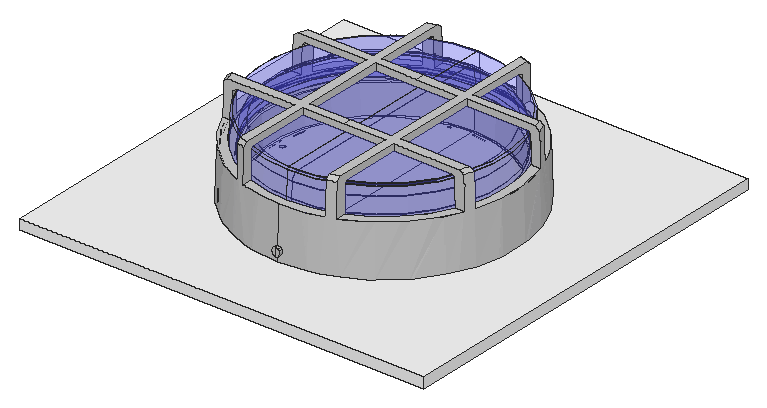
Revit family "BE_33504_de_DE", category Leuchten, Revit 2015
Parameters (values of type "BEGA_33504_Silber_K4")
  built-in parameter 1150104 = 11.086 (stored number, unit not read)
  Wattage = 16.3 W
  Default Elevation = 0 mm
  built-in parameter 1150113 = 1 (stored number, unit not read)
  built-in parameter 1114218 = 1 (stored number, unit not read)
  Umgebungstemperatur = ""
  URL = "http://www.bega.de/produkt/33504"
  Typenkommentare = "© 2015 BEGA. Wir behalten uns das Recht vor, technische Änderungen ohne vorherige Ankündigung vorzunehmen."  # constant formula
  Type Image = 33504.png
  built-in parameter 1150134 = 12
  built-in parameter 1150109 = 1 (stored number, unit not read)
  Strom = ""
  built-in parameter 1150110 = 1 (stored number, unit not read)
  Spannung = 0 V
  Sonderanfertigung = no
  Seriennummer [instance] = "Hier können Sie die eindeutige Seriennummer für das Facility Management eintragen."
  Schutzklasse = "I"
  Schutzart = "IP 65"
  Scheinlast = 0 VA
  Produktdatenblatt = "http://www.bega.de/download/datenblaetter/de/33504.pdf"
  Oberflächentemperatur = ""
  Neigungswinkel = 0.00°
  Modell = "33504AK4"
  Material_11 = BEGA_Glas_opal
  Material_06 = BEGA_Oberfläche_Edelstahl_gebürstet
  Material_02 = BEGA_Oberfläche_Silber_matt
  Material_01 [instance] = BEGA_Oberfläche_Grafit_matt
  M_W = no
  M_G = no
  M_A = yes
  Logo = 0
  built-in parameter 1114217 = 1 (stored number, unit not read)
  built-in parameter 1150139 = (empty or 0)
  built-in parameter 1150105 = 571.94 (stored number, unit not read)
  built-in parameter 1150114 = 1 (stored number, unit not read)
  Lumens = 1945.08 lm
  built-in parameter 1150115 = 1 (stored number, unit not read)
  Leuchtenlichtstrom = "873 lm"
  Leuchtenanzahl = ""
  Lebensdauerkriterien = "L70 = 50.000 h"
  Lastklassifizierung = Beleuchtung
  built-in parameter 1150112 = 1 (stored number, unit not read)
  Lampenlichtstrom = "1945 lm"
  Lampe = "LED 16.3 W"
  LED_Modulbezeichnung = "LED-0381/840"
  built-in parameter 1150142 = (empty or 0)
  Hersteller = "BEGA"  # constant formula
  Halbstreuwinkel = ""
  Gewicht = "2.75 kg"
  Gebrauchslageneinschränkung [instance] = ""
  Frequenz = "0/50-60 Hz"
  Farbwiedergabeindex = "Ra > 80"
  Farbtemperaturverschiebung bei Dämpfen der Lampe = <Keine Auswahl>
  Farbtemperatur = "4000 K"
  Color Filter = 16777215
  built-in parameter 1150133 = 10 (stored number, unit not read)
  Energieeffizienzklasse = "LED A++ - A"
  built-in parameter 1150137 = (empty or 0)
  built-in parameter 1150132 = (empty or 0)
  ENEC = ""
  Dimmbar [instance] = "1-10 V"
  Datei für fotometrisches Netz = "BE_33504K4.IES"
  CE_Konformität = "ja"
  Bestellnummer = "33504AK4"
  Beschreibung_Sonderanfertigung = "Hier können Sie Informationen zur Sonderanfertigung eintragen."
  Beschreibung = "Decken- und Wandleuchte"
  built-in parameter 1150106 = 5.7194 (stored number, unit not read)
  Befestigungsbohrung = "Ø 4,5 mm"
  Befestigungsabstand = "200 mm"
  Ballwurfsicher = ""
  BEGA_Intern_aus = yes
  BEGA_Intern_an = yes
  BEGA_Intern_Konstruktion = yes
  BEGA_Intern = yes
  BEGA_IES3 = yes
  BEGA_IES2 = yes
  BEGA_IES1 = yes
  BEGA_IES = yes
  BEGA_Dummy = no
  Anschlussleitung = ""
  Anschlussleistung [instance] = "19.8 W"
  built-in parameter 1150107 = 4000 (stored number, unit not read)
  built-in parameter 1150102 = (empty or 0)
  built-in parameter 1150138 = (empty or 0)
  Aktualisierung = "2016-02-01T04:09:17"
  AC/DC = "AC/DC"
Types (5, lengths in mm): name | built-in parameter 1150104 | built-in parameter 1150134 | Modell | M_G | M_A | built-in parameter 1150105 | Lumens | Leuchtenlichtstrom | Lampenlichtstrom | LED_Modulbezeichnung | Farbtemperatur | Datei für fotometrisches Netz | Bestellnummer | built-in parameter 1150106 | built-in parameter 1150107
  (no name) | 11.086 (stored number, unit not read) | 12 | "33504AK4" | no | yes | 571.94 (stored number, unit not read) | 1945.08 lm | "873 lm" | "1945 lm" | "LED-0381/840" | "4000 K" | "BE_33504K4.IES" | "33504AK4" | 5.7194 (stored number, unit not read) | 4000 (stored number, unit not read)
  BEGA_33504_Grafit_K3 | 10.459 (stored number, unit not read) | (empty or 0) | "33504" | yes | no | 539.6 (stored number, unit not read) | 1835.05 lm | "824 lm" | "1835 lm" | "LED-0381/830" | "3000 K" | "BE_33504.IES" | "33504" | 5.396 (stored number, unit not read) | 3000 (stored number, unit not read)
  BEGA_33504_Grafit_K4 | 11.086 (stored number, unit not read) | 12 | "33504K4" | yes | no | 571.94 (stored number, unit not read) | 1945.08 lm | "873 lm" | "1945 lm" | "LED-0381/840" | "4000 K" | "BE_33504K4.IES" | "33504K4" | 5.7194 (stored number, unit not read) | 4000 (stored number, unit not read)
  BEGA_33504_Silber_K4 | 11.086 (stored number, unit not read) | 12 | "33504AK4" | no | yes | 571.94 (stored number, unit not read) | 1945.08 lm | "873 lm" | "1945 lm" | "LED-0381/840" | "4000 K" | "BE_33504K4.IES" | "33504AK4" | 5.7194 (stored number, unit not read) | 4000 (stored number, unit not read)
  BEGA_33504_Silber_K3 | 10.459 (stored number, unit not read) | (empty or 0) | "33504A" | no | yes | 539.6 (stored number, unit not read) | 1835.05 lm | "824 lm" | "1835 lm" | "LED-0381/830" | "3000 K" | "BE_33504.IES" | "33504A" | 5.396 (stored number, unit not read) | 3000 (stored number, unit not read)
Reference planes
  plane 1 "Mitte (Vorne/Hinten)": y = 0
  plane 2: z = 0
  plane 3 "Mitte (Links/Rechts)": x = 0
  plane 4 "Links": x = -130.622
  plane 5 "Rechts": x = 130.622
  plane 6 "Unten": y = -130.622
  plane 7 "Oben": y = 130.622
  plane 8 "Vorne": z = 87.8
Forms (mm)
  Extrusion 1, solid, material "BEGA_Platte_Weiss"
    sketch origin (0, -1119.2, 0) x (1, 0, 0) y (0, 1, 0)
      loop
        line (-200, 1319.2) -> (-200, 919.2) -> (200, 919.2) -> (200, 1319.2) -> (-200, 1319.2)
    from 0 to -10
  Extrusion 2, solid, material "BEGA_Dummy_matt", visible <- "BEGA_Dummy"
    sketch origin (77.149, -76.023, 0) x (1, 0, 0) y (0, 1, 0)
      loop
        circle (-77.149, 76.023) r 130.622
    from 0 to 87.8
Dimensions and locks
  plane 1 "Mitte (Vorne/Hinten)" to Extrusion 1 = 200 mm
  aligned and locked: plane 2 to Extrusion 1
  aligned and locked: level to Extrusion 1
Nested families
  nested 1: "BE_33504" at (0, 0, 0) x (0, -1, 0) z (0, 0, 1), type "BE_33504"
Connectors
  electrical at (0, 0, 0), driven by "Lastklassifizierung", driven by "Spannung", driven by "Scheinlast"
    settings: index 1, voltage 0 V, apparent load 0 VA, apparent load phase1 0 VA, apparent load phase2 0 VA, apparent load phase3 0 VA, power factor 1, load classification "Beleuchtung", number of poles 1, system type 31, power factor state 1, is connector primary yes, connector utility no, sub classification motor no, connector description ""
Definition of nested family "BE_33504"
  Parameters (values of type "BE_33504")
    Default Elevation = 1 mm
    URL = "http://www.bega.de/de/produkt"
    Type Comments = "© 2015 BEGA. Wir behalten uns das Recht vor, technische Änderungen ohne vorherige Ankündigung vorzunehmen. "  # constant formula
    Type Image = (empty or 0)
    Material_17 = none
    Material_15 = none
    Material_11 = none
    Material_09 = none
    Material_06 = none
    Material_03 = none
    Material_02 = none
    Material_01 = none
    M_W = yes
    M_G = yes
    M_A = yes
    Länge_Platte = 200 mm  # constant formula
    Höhe_Platte = -10 mm  # constant formula
    Manufacturer = "BEGA"  # constant formula
    Breite_Platte = 200 mm  # constant formula
  Reference planes
    plane 1 "Mitte (Oben/Unten)": y = 0
    plane 2: z = 0
    plane 3 "Mitte (Links/Rechts)": x = 0
    plane 4 "Vorne": z = 87.8
    plane 5: x = -130.622
    plane 6: x = 130.622
    plane 7: y = -130.622
    plane 8: y = 130.622
  Forms (mm)
    Extrusion 1, solid, detail levels medium
      sketch origin (0, 0, 0) x (1, 0, 0) y (0, 1, 0)
        loop
          line (-100, 100) -> (-100, -100) -> (100, -100) -> (100, 100) -> (-100, 100)
      from 0 to -10 <- "Höhe_Platte"
    Revolve 2, solid, material <- "Material_01", visible <- "M_G", detail levels medium+fine
      sketch origin (0, 0, 0) x (1, 0, 0) y (0, 0, 1)
        loop
          line (-126.395, 43) -> (-126.5, 40) -> (-126.387, 36.758) -> (-114.594, 36.762) -> (-113.631, 0) -> (-111.1, 0) -> (-110.916, 7.026)
          arc (-110.916, 7.026) -> (-110.614, 7.716) -> (-109.916, 8) r 1
          line (-109.916, 8) -> (0, 8) -> (0, 10.7) -> (-110.126, 10.7)
          arc (-110.126, 10.7) -> (-110.824, 10.984) -> (-111.126, 11.674) r 1
          line (-111.126, 11.674) -> (-111.893, 41) -> (-115.1, 41) -> (-115.17, 43) -> (-126.395, 43)
        axis (0, 0) -> (0, 43)
      angle from 0 to 360
    Revolve 3, solid, material <- "Material_11", detail levels medium+fine
      sketch origin (0, 0, 0) x (1, 0, 0) y (0, 0, 1)
        loop
          line (-118.918, 77.435) -> (-119.866, 50.268)
          arc (-119.866, 50.268) -> (-120.17, 49.582) -> (-120.866, 49.3) r 1
          line (-120.866, 49.3) -> (-124.5, 49.3) -> (-124.5, 44.3) -> (-113.5, 44.3) -> (-113.5, 49.3) -> (-112.694, 64.65)
          arc (-112.694, 64.65) -> (-110.527, 69.372) -> (-105.702, 71.3) r 7.001
          line (-105.702, 71.3) -> (0, 71.3) -> (0, 79.3) -> (-117.052, 79.3) -> (-118.918, 77.435)
        axis (0, 79.3) -> (0, 44.3)
      angle from 0 to 360
    Revolve 4, solid, material <- "Material_02", visible <- "M_A", detail levels medium+fine
      sketch origin (0, 0, 0) x (1, 0, 0) y (0, 0, 1)
        loop
          line (-126.395, 43) -> (-126.5, 40) -> (-126.387, 36.758) -> (-114.594, 36.762) -> (-113.631, 0) -> (-111.1, 0) -> (-110.916, 7.026)
          arc (-110.916, 7.026) -> (-110.614, 7.716) -> (-109.916, 8) r 1
          line (-109.916, 8) -> (0, 8) -> (0, 10.7) -> (-110.126, 10.7)
          arc (-110.126, 10.7) -> (-110.824, 10.984) -> (-111.126, 11.674) r 1
          line (-111.126, 11.674) -> (-111.893, 41) -> (-115.1, 41) -> (-115.17, 43) -> (-126.395, 43)
        axis (0, 0) -> (0, 43)
      angle from 0 to 360
    Revolve 5, solid, material <- "Material_01", visible <- "M_G", detail levels medium+fine
      sketch origin (0, 0, 0) x (1, 0, 0) y (0, 0, 1)
        loop
          line (-128.447, 84.49) -> (-130.622, 1.4) -> (-128.086, 1.4) -> (-127.24, 49.9) -> (-120.785, 49.9) -> (-120.279, 78.888) -> (-117.689, 81.3) -> (0, 81.3) -> (0, 87.8) -> (-124.907, 87.8) -> (-128.447, 84.49)
        axis (0, 87.8) -> (0, 1.4)
      angle from 0 to 360
    Extrusion 6, void
      sketch origin (0, 0, 0) x (1, 0, 0) y (0, 1, 0)
        loop
          line (-49.17, 134.17) -> (-146.103, 134.17) -> (-146.103, 49.17) -> (-49.17, 49.17) -> (-49.17, 134.17)
        loop
          line (-40.83, 134.17) -> (-40.83, 49.17) -> (40.83, 49.17) -> (40.83, 134.17) -> (-40.83, 134.17)
        loop
          line (-49.17, 40.83) -> (-146.103, 40.83) -> (-146.103, -40.83) -> (-49.17, -40.83) -> (-49.17, 40.83)
        loop
          line (49.17, 134.17) -> (49.17, 49.17) -> (146.103, 49.17) -> (146.103, 134.17) -> (49.17, 134.17)
        loop
          line (-49.17, -134.17) -> (-49.17, -49.17) -> (-146.103, -49.17) -> (-146.103, -134.17) -> (-49.17, -134.17)
        loop
          line (-40.83, -134.17) -> (40.83, -134.17) -> (40.83, -49.17) -> (-40.83, -49.17) -> (-40.83, -134.17)
        loop
          line (49.17, -134.17) -> (146.103, -134.17) -> (146.103, -49.17) -> (49.17, -49.17) -> (49.17, -134.17)
        loop
          line (-40.83, 40.83) -> (-40.83, -40.83) -> (40.83, -40.83) -> (40.83, 40.83) -> (-40.83, 40.83)
        loop
          line (49.17, 40.83) -> (49.17, -40.83) -> (146.103, -40.83) -> (146.103, 40.83) -> (49.17, 40.83)
      from 51.9 to 87.8
    Extrusion 7, void
      sketch origin (0, 0, 0) x (1, 0, 0) y (0, 1, 0)
        loop
          circle (82.308, 20.05) r 7.5
        loop
          circle (82.308, -20.05) r 7.5
        loop
          circle (0, 100) r 2.25
        loop
          circle (0, -100) r 2.25
      from 0 to 14.2
    Revolve 8, solid, material <- "Material_06", detail levels fine
      sketch origin (0, 0, 0) x (1, 0, 0) y (0, 0, 1)
        loop
          line (130.568, 15.4) -> (130.568, 11.4) -> (133.2, 11.4) -> (133.2, 15.4) -> (130.568, 15.4)
        axis (130.568, 11.4) -> (133.2, 11.4)
      angle from 0 to 360
    Revolve 9, solid, material <- "Material_02", visible <- "M_A", detail levels medium+fine
      sketch origin (0, 0, 0) x (1, 0, 0) y (0, 0, 1)
        loop
          line (-128.447, 84.49) -> (-130.622, 1.4) -> (-128.086, 1.4) -> (-127.24, 49.9) -> (-120.785, 49.9) -> (-120.279, 78.888) -> (-117.689, 81.3) -> (0, 81.3) -> (0, 87.8) -> (-124.907, 87.8) -> (-128.447, 84.49)
        axis (0, 87.8) -> (0, 1.4)
      angle from 0 to 360
    Extrusion 10, void
      sketch origin (0, 0, 0) x (1, 0, 0) y (0, 1, 0)
        loop
          line (-49.17, 134.17) -> (-146.103, 134.17) -> (-146.103, 49.17) -> (-49.17, 49.17) -> (-49.17, 134.17)
        loop
          line (-40.83, 134.17) -> (-40.83, 49.17) -> (40.83, 49.17) -> (40.83, 134.17) -> (-40.83, 134.17)
        loop
          line (-49.17, 40.83) -> (-146.103, 40.83) -> (-146.103, -40.83) -> (-49.17, -40.83) -> (-49.17, 40.83)
        loop
          line (49.17, 134.17) -> (49.17, 49.17) -> (146.103, 49.17) -> (146.103, 134.17) -> (49.17, 134.17)
        loop
          line (-49.17, -134.17) -> (-49.17, -49.17) -> (-146.103, -49.17) -> (-146.103, -134.17) -> (-49.17, -134.17)
        loop
          line (-40.83, -134.17) -> (40.83, -134.17) -> (40.83, -49.17) -> (-40.83, -49.17) -> (-40.83, -134.17)
        loop
          line (49.17, -134.17) -> (146.103, -134.17) -> (146.103, -49.17) -> (49.17, -49.17) -> (49.17, -134.17)
        loop
          line (-40.83, 40.83) -> (-40.83, -40.83) -> (40.83, -40.83) -> (40.83, 40.83) -> (-40.83, 40.83)
        loop
          line (49.17, 40.83) -> (49.17, -40.83) -> (146.103, -40.83) -> (146.103, 40.83) -> (49.17, 40.83)
      from 51.9 to 87.8
  Cuts and joins
    Extrusion 7 cuts Revolve 2
    Extrusion 6, Extrusion 10 cuts Revolve 5
    Extrusion 7 cuts Revolve 3
    Extrusion 7 cuts Revolve 4
    Extrusion 10 cuts Revolve 9
  Dimensions and locks
    equal spacing: Extrusion 1 sketch curve, plane 3 "Mitte (Links/Rechts)", Extrusion 1 sketch curve
    equal spacing: Extrusion 1 sketch curve, plane 1 "Mitte (Oben/Unten)", Extrusion 1 sketch curve
    "Länge_Platte": Extrusion 1 sketch curve to Extrusion 1 sketch curve
    "Breite_Platte": Extrusion 1 sketch curve to Extrusion 1 sketch curve
    aligned and locked: plane 2 to Extrusion 1
    aligned and locked: level to Extrusion 1
  Automatic sketch dimensions
    Revolve 2 sketch curve to level = 0 mm
    Revolve 2 sketch curve to plane 3 "Mitte (Links/Rechts)" = 0 mm  (x2)
    level to Revolve 2 sketch curve = 8 mm
    Revolve 2 sketch curve to Revolve 2 sketch curve = 0.21 mm
    Revolve 2 sketch curve to Revolve 2 sketch curve = 1.184 mm
    Revolve 2 sketch curve to Revolve 2 sketch curve = 1.768 mm
    Revolve 2 sketch curve to Revolve 2 sketch curve = 2.531 mm
    level to Revolve 2 sketch curve = 36.762 mm
    Revolve 2 sketch curve to Revolve 2 sketch curve = 2.7 mm  (x2)
    level to Revolve 2 sketch curve = 41 mm
    Revolve 2 sketch curve to Revolve 2 sketch curve = 3.207 mm
    Revolve 2 sketch curve to Revolve 2 sketch curve = 0.07 mm
    level to Revolve 2 sketch curve = 36.758 mm
    Revolve 2 sketch curve to Revolve 2 sketch curve = 11.793 mm
    Revolve 2 sketch curve to Revolve 2 sketch curve = 0.008 mm
    Revolve 2 sketch curve to Revolve 2 sketch curve = 0.105 mm
    Revolve 2 sketch curve to Revolve 2 sketch curve = 1 mm  (x4)
    Revolve 2 sketch curve to Revolve 2 sketch curve = 3.242 mm
    Revolve 2 sketch curve to Revolve 2 sketch curve = 2 mm
    level to Revolve 2 sketch curve = 7.026 mm
    Revolve 2 sketch curve to Revolve 2 sketch curve = 0 mm  (x3)
    level to Revolve 2 sketch curve = 11.674 mm
    Revolve 2 sketch curve to Revolve 2 sketch curve = 44.268 mm
    Revolve 3 sketch curve to plane 3 "Mitte (Links/Rechts)" = 0 mm  (x2)
    level to Revolve 3 sketch curve = 64.65 mm
    Revolve 3 sketch curve to Revolve 3 sketch curve = 6.992 mm
    Revolve 3 sketch curve to Revolve 3 sketch curve = 0.806 mm
    Revolve 3 sketch curve to Revolve 3 sketch curve = 11.35 mm
    Revolve 3 sketch curve to Revolve 3 sketch curve = 1.865 mm
    level to Revolve 3 sketch curve = 50.268 mm
    Revolve 3 sketch curve to Revolve 3 sketch curve = 6.366 mm
    Revolve 3 sketch curve to Revolve 3 sketch curve = 0.999 mm
    Revolve 3 sketch curve to Revolve 3 sketch curve = 3.634 mm
    Revolve 3 sketch curve to Revolve 3 sketch curve = 0.968 mm  (x2)
    Revolve 3 sketch curve to Revolve 3 sketch curve = 5 mm
    Revolve 3 sketch curve to Revolve 3 sketch curve = 0.35 mm
    Revolve 3 sketch curve to Revolve 3 sketch curve = 12.785 mm
    Revolve 3 sketch curve to Revolve 3 sketch curve = 8 mm
    Revolve 3 sketch curve to Revolve 3 sketch curve = 13.411 mm
    Revolve 3 sketch curve to Revolve 3 sketch curve = 0 mm
    Revolve 4 sketch curve to level = 0 mm
    Revolve 4 sketch curve to plane 3 "Mitte (Links/Rechts)" = 0 mm  (x2)
    level to Revolve 4 sketch curve = 8 mm
    Revolve 4 sketch curve to Revolve 4 sketch curve = 0.21 mm
    Revolve 4 sketch curve to Revolve 4 sketch curve = 1.184 mm
    Revolve 4 sketch curve to Revolve 4 sketch curve = 1.768 mm
    Revolve 4 sketch curve to Revolve 4 sketch curve = 2.531 mm
    level to Revolve 4 sketch curve = 36.762 mm
    Revolve 4 sketch curve to Revolve 4 sketch curve = 2.7 mm  (x2)
    level to Revolve 4 sketch curve = 41 mm
    Revolve 4 sketch curve to Revolve 4 sketch curve = 3.207 mm
    Revolve 4 sketch curve to Revolve 4 sketch curve = 0.07 mm
    level to Revolve 4 sketch curve = 36.758 mm
    Revolve 4 sketch curve to Revolve 4 sketch curve = 11.793 mm
    Revolve 4 sketch curve to Revolve 4 sketch curve = 0.008 mm
    Revolve 4 sketch curve to Revolve 4 sketch curve = 0.105 mm
    Revolve 4 sketch curve to Revolve 4 sketch curve = 1 mm  (x4)
    Revolve 4 sketch curve to Revolve 4 sketch curve = 3.242 mm
    Revolve 4 sketch curve to Revolve 4 sketch curve = 2 mm
    level to Revolve 4 sketch curve = 7.026 mm
    Revolve 4 sketch curve to Revolve 4 sketch curve = 0 mm  (x3)
    level to Revolve 4 sketch curve = 11.674 mm
    Revolve 4 sketch curve to Revolve 4 sketch curve = 44.268 mm
    Extrusion 6 sketch curve to Extrusion 6 sketch curve = 0 mm  (x13)
    Extrusion 6 sketch curve to plane 3 "Mitte (Links/Rechts)" = 49.17 mm  (x2)
    Extrusion 6 sketch curve to Extrusion 6 sketch curve = 8.34 mm  (x10)
    plane 3 "Mitte (Links/Rechts)" to Extrusion 6 sketch curve = 40.83 mm  (x2)
    plane 1 "Mitte (Oben/Unten)" to Extrusion 6 sketch curve = 49.17 mm  (x2)
    Extrusion 6 sketch curve to plane 1 "Mitte (Oben/Unten)" = 40.83 mm  (x2)
    Extrusion 7 sketch curve to plane 3 "Mitte (Links/Rechts)" = 0 mm  (x2)
    plane 1 "Mitte (Oben/Unten)" to Extrusion 7 sketch curve = 20.05 mm
    plane 3 "Mitte (Links/Rechts)" to Extrusion 7 sketch curve = 82.308 mm
    Extrusion 7 sketch curve to Extrusion 7 sketch curve = 0 mm
    Extrusion 7 sketch curve to plane 1 "Mitte (Oben/Unten)" = 20.05 mm
    level to Revolve 8 sketch curve = 15.4 mm
    Revolve 8 sketch curve to Revolve 8 sketch curve = 2.632 mm
    Revolve 8 sketch curve to Revolve 8 sketch curve = 4 mm
    Revolve 8 sketch curve to Revolve 8 sketch curve = 0 mm  (x2)
    Revolve 8 sketch curve to Revolve 8 sketch curve = 2.035 mm
    Revolve 2 sketch curve to plane 3 "Mitte (Links/Rechts)" = 109.916 mm
    Revolve 3 sketch curve to plane 3 "Mitte (Links/Rechts)" = 105.702 mm
    Revolve 4 sketch curve to plane 3 "Mitte (Links/Rechts)" = 109.916 mm
    Extrusion 6 sketch curve to Extrusion 6 sketch curve = 96.933 mm  (x2)
    plane 3 "Mitte (Links/Rechts)" to Revolve 8 sketch curve = 130.568 mm
    Extrusion 6 sketch curve to Extrusion 6 sketch curve = 85 mm  (x3)
    plane 1 "Mitte (Oben/Unten)" to Extrusion 7 sketch curve = 100 mm
    Extrusion 7 sketch curve to plane 1 "Mitte (Oben/Unten)" = 100 mm
    plane 5 to Revolve 5 sketch curve = 0 mm
    Revolve 5 sketch curve to plane 4 "Vorne" = 0 mm  (x2)
    Revolve 5 sketch curve to plane 3 "Mitte (Links/Rechts)" = 0 mm  (x2)
    Revolve 5 sketch curve to plane 5 = 2.176 mm
    Revolve 5 sketch curve to Revolve 5 sketch curve = 3.54 mm
    Revolve 5 sketch curve to plane 5 = 9.838 mm
    Revolve 5 sketch curve to Revolve 5 sketch curve = 8.168 mm
    Revolve 5 sketch curve to Revolve 5 sketch curve = 2.589 mm
    Revolve 5 sketch curve to plane 4 "Vorne" = 3.31 mm
    Revolve 5 sketch curve to plane 4 "Vorne" = 6.5 mm
    Revolve 5 sketch curve to Revolve 5 sketch curve = 2.412 mm
    Revolve 5 sketch curve to Revolve 5 sketch curve = 28.988 mm
    level to Revolve 5 sketch curve = 1.4 mm
    Revolve 5 sketch curve to plane 5 = 2.536 mm
    Revolve 5 sketch curve to Revolve 5 sketch curve = 23.5 mm
    Revolve 5 sketch curve to plane 5 = 3.383 mm
    plane 5 to Revolve 9 sketch curve = 0 mm
    Revolve 9 sketch curve to plane 4 "Vorne" = 0 mm  (x2)
    Revolve 9 sketch curve to plane 3 "Mitte (Links/Rechts)" = 0 mm  (x2)
    Revolve 9 sketch curve to plane 5 = 2.176 mm
    Revolve 9 sketch curve to plane 5 = 2.536 mm
    Revolve 9 sketch curve to plane 5 = 3.383 mm
    Revolve 9 sketch curve to Revolve 9 sketch curve = 3.54 mm
    Revolve 9 sketch curve to Revolve 9 sketch curve = 6.455 mm
    Revolve 9 sketch curve to Revolve 9 sketch curve = 8.168 mm
    Revolve 9 sketch curve to Revolve 9 sketch curve = 2.589 mm
    Revolve 9 sketch curve to plane 4 "Vorne" = 3.31 mm
    Revolve 9 sketch curve to plane 4 "Vorne" = 6.5 mm
    Revolve 9 sketch curve to Revolve 9 sketch curve = 2.412 mm
    Revolve 9 sketch curve to Revolve 9 sketch curve = 28.988 mm
    level to Revolve 9 sketch curve = 1.4 mm
    Revolve 9 sketch curve to Revolve 9 sketch curve = 23.5 mm
    plane 5 to Extrusion 10 sketch curve = 15.481 mm  (x2)
    Extrusion 10 sketch curve to Extrusion 10 sketch curve = 0 mm  (x9)
    Extrusion 10 sketch curve to plane 3 "Mitte (Links/Rechts)" = 49.17 mm  (x2)
    plane 8 to Extrusion 10 sketch curve = 3.548 mm  (x3)
    plane 7 to Extrusion 10 sketch curve = 3.548 mm  (x3)
    Extrusion 10 sketch curve to Extrusion 10 sketch curve = 8.34 mm  (x10)
    plane 3 "Mitte (Links/Rechts)" to Extrusion 10 sketch curve = 40.83 mm  (x2)
    plane 6 to Extrusion 10 sketch curve = 15.481 mm
    plane 1 "Mitte (Oben/Unten)" to Extrusion 10 sketch curve = 49.17 mm  (x2)
    Extrusion 10 sketch curve to plane 1 "Mitte (Oben/Unten)" = 40.83 mm  (x2)
    radius of Extrusion 7 sketch curve = 7.5 mm  (x2)
    radius of Extrusion 7 sketch curve = 2.25 mm  (x2)
